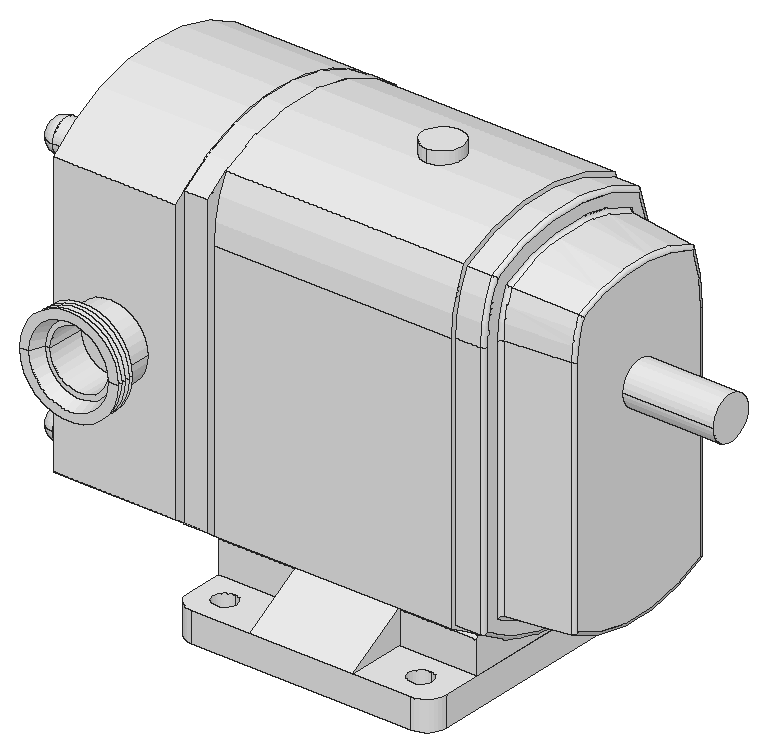
Revit family "MLP 23 - MR002 - Lobe Pump ", category Specialty Equipment, Revit 2022
Family settings
  Round Connector Dimension = Use Diameter
  Part Type = Normal
  Work Plane-Based = No
  Always vertical = Yes
  Cut with Voids When Loaded = No
  Maintain Annotation Orientation = No
  Shared = No
  Room Calculation Point = No
Parameters (values of type "MLP 23 - 1.1 kW")
  URL = "https://en.ekinendustriyel.com/lobe-pumps/lobe-pumps"
  Pressure = 20.0 bar  # constant formula
  Motor Power = 1.1 kW  # constant formula
  Model = "MLP-23  TUL - MR002"
  Manufacturer = "Ekin Endüstriyel"
  Keynote = "Double Serpentine Heater Tank"
  Flow = 5.0 m³/h  # constant formula
  Description = "MIT MLP 23 - Lobe Pump"
  Default Elevation = 0 mm
Reference planes
  plane 1 "Center (Front/Back)": y = 0
  plane 2: z = 0
  plane 3 "Center (Left/Right)": x = 0
Forms (mm)
  Extrusion 1, solid, material "Ekin Endüstriyel_StainlesSteel", detail levels medium+fine
    sketch origin (0, 0, 0) x (0, 1, 0) y (0, 0, 1)
      loop
        arc (65, 198) -> (0, 223) -> (-65, 198) r 97
        line (-65, 198) -> (-65, 54)
        arc (-65, 54) -> (0, 29) -> (65, 54) r 97
        line (65, 54) -> (65, 198)
    from -0.581 to -63.081
  Extrusion 2, solid, material "Ekin Endüstriyel_StainlesSteel", detail levels medium+fine
    sketch origin (0, 0, 0) x (0, 1, 0) y (0, 0, 1)
      loop
        arc (-48, 210.291) -> (-53.968, 195.324) -> (-56, 179.34) r 63.873
        line (-56, 179.34) -> (-56, 46.798)
        arc (-56, 46.798) -> (0, 29) -> (56, 46.798) r 97
        line (56, 46.798) -> (56, 169.858)
        arc (56, 169.858) -> (53.981, 190.467) -> (48, 210.291) r 106.175
        arc (48, 210.291) -> (0, 223) -> (-48, 210.291) r 97
    from 132.919 to 11.419
  Extrusion 3, solid, material "Ekin Endüstriyel_StainlesSteel", detail levels coarse
    sketch origin (0, 0, 0) x (0, 1, 0) y (0, 0, 1)
      loop
        arc (65, 198) -> (0, 223) -> (-65, 198) r 97
        line (-65, 198) -> (-65, 54)
        arc (-65, 54) -> (0, 29) -> (65, 54) r 97
        line (65, 54) -> (65, 198)
    from -63.081 to 183.857
  Sweep 4, solid, material "Ekin Endüstriyel_StainlesSteel", detail levels medium+fine
    path in 3D
      loop
        arc (132.919, 48, 210.291) -> (132.919, 53.981, 190.467) -> (132.919, 56, 169.858) r 106.175
        line (132.919, 56, 169.858) -> (132.919, 56, 46.798)
        arc (132.919, 56, 46.798) -> (132.919, 0, 29) -> (132.919, -56, 46.798) r 97
        line (132.919, -56, 46.798) -> (132.919, -56, 179.34)
        arc (132.919, -56, 179.34) -> (132.919, -53.968, 195.324) -> (132.919, -48, 210.291) r 63.873
        arc (132.919, -48, 210.291) -> (132.919, 0, 223) -> (132.919, 48, 210.291) r 97
    profile origin (132.919, 0, 223) x (0, 0, 1) y (1, 0, 0)
      loop
        line (-2.005, 0) -> (-2.005, 13.004)
        arc (-2.005, 13.004) -> (-2.584, 14.402) -> (-3.981, 14.98) r 1.976
        line (-3.981, 14.98) -> (-10.133, 14.98)
        arc (-10.133, 14.98) -> (-11.482, 15.503) -> (-12.125, 16.799) r 2
        line (-12.125, 16.799) -> (-15.082, 49.18)
        arc (-15.082, 49.18) -> (-15.704, 50.432) -> (-17.007, 50.938) r 1.933
        line (-17.007, 50.938) -> (-23.918, 50.938) -> (-23.918, 0) -> (-2.005, 0)
  Extrusion 5, solid, material "Ekin Endüstriyel_StainlesSteel", detail levels medium+fine
    sketch origin (0, 0, 0) x (0, 1, 0) y (0, 0, 1)
      loop
        arc (-29.766, 192.746) -> (-31.499, 186.142) -> (-32.082, 179.34) r 39.955
        line (-32.082, 179.34) -> (-32.082, 60.336)
        arc (-32.082, 60.336) -> (0, 52.918) -> (32.082, 60.336) r 73.082
        line (32.082, 60.336) -> (32.082, 169.858)
        arc (32.082, 169.858) -> (31.232, 181.657) -> (28.697, 193.212) r 82.257
        arc (28.697, 193.212) -> (-0.583, 199.08) -> (-29.766, 192.746) r 73.082
    from 170.518 to 183.857
  Revolve 6, solid, material "Ekin Endüstriyel_StainlesSteel", detail levels fine
    sketch origin (35.739, 0, 123.787) x (1, 0, 0) y (0, 1, 0)
      loop
        line (-88.818, -65.017) -> (-88.818, -81.023) -> (-92.717, -81.023) -> (-94.485, -82.044) -> (-92.482, -83.2) -> (-94.485, -84.357) -> (-92.48, -85.515) -> (-94.485, -86.672) -> (-92.482, -87.829) -> (-94.485, -88.986) -> (-92.482, -90.142) -> (-94.841, -91.504) -> (-90.152, -91.504) -> (-87.609, -84.516) -> (-84.934, -84.516) -> (-84.934, -65.017) -> (-88.818, -65.017)
      axis (-69.763, -65.017) -> (-69.763, -91.504)
    angle from 0 to 360
  Extrusion 7, solid, material "Ekin Endüstriyel_StainlesSteel"
    sketch origin (-63.081, 0, 0) x (0, -1, 0) y (0, 0, 1)
      loop
        circle (0, 126) r 50
    from 0 to 10
  Extrusion 8, solid, material "Ekin Endüstriyel_StainlesSteel", detail levels medium+fine
    sketch origin (0, 0, 0) x (0, 1, 0) y (0, 0, 1)
      loop
        line (-34.093, 32.841) -> (-65, 15) -> (65, 15) -> (34.097, 32.842)
        arc (34.097, 32.842) -> (0.002, 27.834) -> (-34.093, 32.841) r 118.583
    from 36.862 to 89.521
  Extrusion 9, solid, material "Ekin Endüstriyel_StainlesSteel", detail levels medium
    sketch origin (-75.568, 0, 30.923) x (1, 0, 0) y (0, 0, 1)
      loop
        circle (41.544, 92.864) r 25.078
      loop
        circle (41.544, 92.864) r 20.389
    from 65.017 to 91.504
  Extrusion 10, solid, material "Ekin Endüstriyel_StainlesSteel"
    sketch origin (107.25, 0, 153) x (0, 0, 1) y (0, 1, 0)
      loop
        circle (0, 0) r 11
    from -123.169 to -76.607
  Extrusion 11, solid, material "Ekin Endüstriyel_StainlesSteel", detail levels medium+fine
    sketch origin (0, 0, 0) x (0, 1, 0) y (0, 0, 1)
      loop
        line (-60, 202.217) -> (-60, 49.783)
        arc (-60, 49.783) -> (0, 29) -> (60, 49.783) r 97
        line (60, 49.783) -> (60, 202.217)
        arc (60, 202.217) -> (0, 223) -> (-60, 202.217) r 97
    from 11.419 to -0.581
  Extrusion 12, solid, material "Ekin Endüstriyel_StainlesSteel", detail levels coarse
    sketch origin (-99.135, 0, 4.353) x (1, 0, 0) y (0, 0, 1)
      loop
        circle (65.111, 119.434) r 25.078
    from 65 to 91.504
  Extrusion 13, solid, material "Ekin Endüstriyel_StainlesSteel"
    sketch origin (0, 0, 0) x (1, 0, 0) y (0, 1, 0)
      loop
        circle (12.419, -50) r 6
      loop
        circle (112.419, -50) r 6
      loop
        circle (12.419, 50) r 6
      loop
        circle (112.419, 50) r 6
      loop
        line (119.419, 65) -> (7.419, 65)
        arc (7.419, 65) -> (0.348, 62.071) -> (-2.581, 55) r 10
        line (-2.581, 55) -> (-2.581, -55)
        arc (-2.581, -55) -> (0.348, -62.071) -> (7.419, -65) r 10
        line (7.419, -65) -> (119.419, -65)
        arc (119.419, -65) -> (126.49, -62.071) -> (129.419, -55) r 10
        line (129.419, -55) -> (129.419, 55)
        arc (129.419, 55) -> (126.49, 62.071) -> (119.419, 65) r 10
    from 0 to 15
  Extrusion 14, solid, material "Ekin Endüstriyel_StainlesSteel"
    sketch origin (0, 0, 0) x (0, 1, 0) y (0, 0, 1)
      loop
        arc (-33.135, 32.594) -> (-34.417, 32.362) -> (-35, 31.197) r 1.456
        line (-35, 31.197) -> (-35, 15) -> (35.25, 15) -> (35.25, 31.095)
        arc (35.25, 31.095) -> (34.637, 32.321) -> (33.289, 32.566) r 1.532
        arc (33.289, 32.566) -> (0.075, 27.834) -> (-33.135, 32.594) r 118.583
    from -2.581 to 129.018
  Revolve 15, solid, material "Ekin Endüstriyel_StainlesSteel", detail levels fine
    sketch origin (56.401, 0, 191.795) x (1, 0, 0) y (0, 1, 0)
      loop
        line (-119.482, -48.5) -> (-119.482, -39.954) -> (-141.528, -39.954)
        arc (-141.528, -39.954) -> (-139.025, -45.997) -> (-132.982, -48.5) r 8.546
        line (-132.982, -48.5) -> (-119.482, -48.5)
      axis (-119.482, -39.954) -> (-141.528, -39.954)
    angle from 0 to 360
  Extrusion 16, solid, material "Ekin Endüstriyel_StainlesSteel", detail levels medium+fine
    sketch origin (0, 0, 0) x (1, 0, 0) y (0, 1, 0)
      loop
        circle (83.419, 0) r 10
    from 221 to 229
  Extrusion 17, solid, material "Ekin Endüstriyel_StainlesSteel", detail levels coarse+medium
    sketch origin (-119.482, 0, 146.417) x (0, 0, 1) y (0, 1, 0)
      loop
        circle (45.378, -39.954) r 8.546
      loop
        circle (45.378, 39.954) r 8.546
      loop
        circle (-86.212, 39.954) r 8.546
      loop
        circle (-86.212, -39.954) r 8.546
    from -56.401 to -33.901
  Revolve 18, solid, material "Ekin Endüstriyel_StainlesSteel", detail levels fine
    sketch origin (56.401, 0, 191.795) x (1, 0, 0) y (0, 1, 0)
      loop
        line (-119.482, 48.5) -> (-132.982, 48.5)
        arc (-132.982, 48.5) -> (-139.025, 45.997) -> (-141.528, 39.954) r 8.546
        line (-141.528, 39.954) -> (-119.482, 39.954) -> (-119.482, 48.5)
      axis (-119.482, 39.954) -> (-141.528, 39.954)
    angle from 0 to 360
  Revolve 19, solid, material "Ekin Endüstriyel_StainlesSteel", detail levels fine
    sketch origin (56.401, 0, 60.205) x (1, 0, 0) y (0, 1, 0)
      loop
        line (-119.482, -48.5) -> (-119.482, -39.954) -> (-141.528, -39.954)
        arc (-141.528, -39.954) -> (-139.025, -45.997) -> (-132.982, -48.5) r 8.546
        line (-132.982, -48.5) -> (-119.482, -48.5)
      axis (-119.482, -39.954) -> (-141.528, -39.954)
    angle from 0 to 360
  Revolve 20, solid, material "Ekin Endüstriyel_StainlesSteel", detail levels fine
    sketch origin (56.401, 0, 60.205) x (1, 0, 0) y (0, 1, 0)
      loop
        line (-119.482, 48.5) -> (-132.982, 48.5)
        arc (-132.982, 48.5) -> (-139.025, 45.997) -> (-141.528, 39.954) r 8.546
        line (-141.528, 39.954) -> (-119.482, 39.954) -> (-119.482, 48.5)
      axis (-119.482, 39.954) -> (-141.528, 39.954)
    angle from 0 to 360
  Revolve 21, solid, material "Ekin Endüstriyel_StainlesSteel", detail levels fine
    sketch origin (35.739, 0, 123.787) x (1, 0, 0) y (0, 1, 0)
      loop
        line (-88.818, 65.017) -> (-84.934, 65.017) -> (-84.934, 84.516) -> (-87.609, 84.516) -> (-90.152, 91.504) -> (-94.841, 91.504) -> (-92.482, 90.142) -> (-94.485, 88.986) -> (-92.482, 87.829) -> (-94.485, 86.672) -> (-92.48, 85.515) -> (-94.485, 84.357) -> (-92.482, 83.2) -> (-94.485, 82.044) -> (-92.717, 81.023) -> (-88.818, 81.023) -> (-88.818, 65.017)
      axis (-69.763, 65.017) -> (-69.763, 91.504)
    angle from 0 to 360
  Extrusion 22, solid, material "Ekin Endüstriyel_StainlesSteel", detail levels medium
    sketch origin (-75.568, 0, 30.923) x (1, 0, 0) y (0, 0, -1)
      loop
        circle (41.544, -92.864) r 25.078
      loop
        circle (41.544, -92.864) r 20.389
    from 65.017 to 91.504
  Extrusion 23, solid, material "Ekin Endüstriyel_StainlesSteel", detail levels coarse
    sketch origin (-99.135, 0, 4.353) x (1, 0, 0) y (0, 0, -1)
      loop
        circle (65.111, -119.434) r 25.078
    from 65 to 91.504
Cuts and joins
  joined: Sweep 4, Extrusion 5
  joined: Extrusion 2, Extrusion 11, Extrusion 16
Lines and regions (mm)
  sketch lines
    curve 1: arc (132.919, -48, 210.291) -> (132.919, 0, 223) -> (132.919, 48, 210.291) r 97
    curve 2: arc (132.919, -56, 179.34) -> (132.919, -53.968, 195.324) -> (132.919, -48, 210.291) r 63.873
    curve 3: line (132.919, -56, 179.34) -> (132.919, -56, 46.798)
    curve 4: arc (132.919, 56, 46.798) -> (132.919, 0, 29) -> (132.919, -56, 46.798) r 97
    curve 5: line (132.919, 56, 46.798) -> (132.919, 56, 169.858)
    curve 6: arc (132.919, 48, 210.291) -> (132.919, 53.981, 190.467) -> (132.919, 56, 169.858) r 106.175
Dimensions and locks
  aligned and locked: level to plane 2
Connectors
  piping at (-34.024, -91.504, 123.787), diameter 38.1
    settings: on Extrusion 9, index 1, connector inside diameter 609.6 mm, connector length 0 mm, flow factor 0, pipe flow 0.0 m³/h, pressure drop 0.0 bar, fitting loss kfactor 0, connector angle 0.00°, fixture units 0, engagement length 0 mm, angle of deflection 0.00°, flow configuration 0, flow direction 0, fitting loss method 0, system type 7, joint type 0, gender type 0, connector reference index -1, connector utility 0, adjustable connector no, is connector primary yes, connector description ""
  piping at (-34.024, 91.504, 123.787), diameter 38.1
    settings: on Extrusion 22, index 2, connector inside diameter 609.6 mm, connector length 0 mm, flow factor 0, pipe flow 0.0 m³/h, pressure drop 0.0 bar, fitting loss kfactor 0, connector angle 0.00°, fixture units 0, engagement length 0 mm, angle of deflection 0.00°, flow configuration 0, flow direction 0, fitting loss method 0, system type 7, joint type 0, gender type 0, connector reference index -1, connector utility 0, adjustable connector no, is connector primary no, connector description ""
